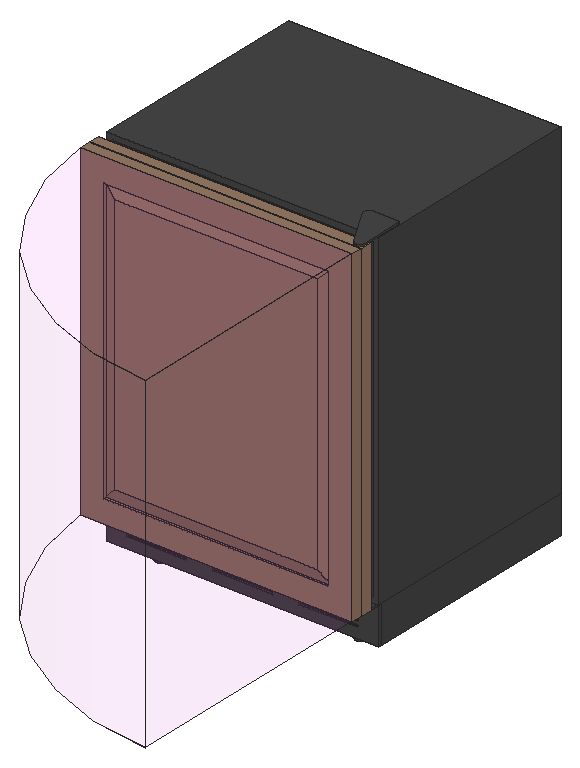
Revit family "QF_Summit_CT66BK2SSRSIF_Refrigerator-Freezer", category Specialty Equipment, Revit 2020
Family settings
  Round Connector Dimension = Use Diameter
  Part Type = Normal
  Work Plane-Based = No
  Always vertical = Yes
  Cut with Voids When Loaded = No
  Shared = No
  Room Calculation Point = No
Parameters
  Weight in Pounds = 100
  Watts = Volts * FL Amps  # 138 W
  Volts = 115 V
  URL Cutsheet = ""
  Standard Height [instance] = if(Show 33.5 Height, Show 34.5 Height, not(Show 34.5 Height))  # yes
  Specification by User = ""
  Specification by Manufacturer = ""
  Show Removable Cover [instance] = no
  Show LHD [instance] = no
  Show 33.5 Height [instance] = no
  Right Hinged Door [instance] = not(Show LHD)  # yes
  Show 34.5 Height [instance] = no
  Serial Number = ""
  Seismic Rating = ""
  SMACNA No = ""
  Revision Code = ""
  Refrigerant Volume = 0.00 kip
  Refrigerant Type = "R600a"
  Phase = 1
  Number of Poles = 1
  NAFEM Spec ID Number = ""
  Model = "CT66BK2SSRSIF"
  Min Ckt Ampacity = 0 A
  Max Overcurrent Protection = 0 A
  Masterspec = ""
  Manufacturer = "Summit"
  Length = 23 5/8"
  Item Number = ""
  Installed By = ""
  Identify Quantity as Lot = yes
  Height [instance] = if(Standard Height, 33 1/4", if(Show 33.5 Height, 33 1/2", if(Show 34.5 Height, 34 1/2", 33 1/4")))  # 33 1/4"
  HP = ""
  Furnished By = ""
  Foodservice Equipment Identifier = yes
  FL Amps = 1.2 A
  Electrical Remarks = ""
  Electric Connection Type = ""
  Elec Conn RI Height = 0"
  Elec Conn Connection Height = 0"
  Description = "Refrigerator-Freezer"
  Depth = 22 3/8"
  Default Elevation = 0"
  Cycle = 60 Hz
  Conn Plug = ""
  Conn Conduit = yes
  CSI MasterFormat = ""
  Base Height [instance] = if(Standard Height, 1 1/4", if(Show 33.5 Height, 1 5/8", if(Show 34.5 Height, 2 5/8", 1 1/4")))  # 1 1/4"
  BTUH = 0.0 Btu/h
  Apparent Power = if(Phase = 3, Volts * FL Amps * 1.73, Volts * FL Amps)  # 138 VA
Reference planes (in)
  plane 1 "BACK": y = 0
  plane 2: z = 0
  plane 3 "LEFT": x = 0
  plane 4 "RIGHT": x = 23.625
  plane 5 "FRONT": y = -22.375
  plane 6 "TOP": z = 33.25
  plane 7 "Center Y": x = 11.8125
  plane 8 "Center X": y = -11.1875
  plane 9: z = 33.125
  plane 10: y = -23.375
  plane 11: y = -45.875
  plane 12: y = -0.75
  plane 13: y = -20.5
  plane 14 "Base Height": z = 1.25
  plane 15: x = 17.46169
  plane 16: z = 4.48989
Forms (in)
  Extrusion 1, solid, material "QF_Metallic_Paint_Black_Smooth"
    sketch origin (0, 0, 4.48989) x (1, 0, 0) y (0, 1, 0)
      loop
        line (0, -0.75) -> (0, -20.5) -> (23.625, -20.5) -> (23.625, -0.75) -> (0, -0.75)
    from 0 to 28.63511
  Extrusion 2, solid, material "QF_Wood_Mahogany"
    sketch origin (-4.07558, -180, 1.25) x (-1, 0, 0) y (0, -1, 0)
      loop
        line (-4.07558, -157.625) -> (-27.70058, -157.625) -> (-27.70058, -158.625) -> (-4.07558, -158.625) -> (-4.07558, -157.625)
    from 3.23989 to 31.875
  Extrusion 3, solid, material "QF_Metallic_Paint_Black_Smooth"
    sketch origin (23.625, -20.5, 4.48989) x (-1, 0, 0) y (0, 0, -1)
      loop
        line (0.5, -0.5) -> (0.5, -28.13511) -> (23.125, -28.13511) -> (23.125, -0.5) -> (0.5, -0.5)
    from 0 to 0.875
  Extrusion 4, solid, material "QF_Metallic_Paint_Black_Smooth", visible <- "Right Hinged Door"
    sketch origin (0, 0, 33.125) x (1, 0, 0) y (0, 1, 0)
      loop
        arc (23.49982, -18.2597) -> (23.42659, -18.08292) -> (23.24982, -18.0097) r 0.25
        line (23.24982, -18.0097) -> (21.13852, -18.0097)
        arc (21.13852, -18.0097) -> (20.78238, -18.21325) -> (20.77701, -18.62342) r 0.41333
        line (20.77701, -18.62342) -> (22.69374, -22.08129)
        arc (22.69374, -22.08129) -> (23.17748, -22.28912) -> (23.49982, -21.87283) r 0.42999
        line (23.49982, -21.87283) -> (23.49982, -18.2597)
    from 0 to 0.125
  Extrusion 5, solid, material "QF_Metallic_Paint_Black_Smooth", visible <- "Right Hinged Door"
    sketch origin (-4.07558, -180, 4.48989) x (0, -1, 0) y (-1, 0, 0)
      loop
        line (-159.5, -27.5754) -> (-158.12717, -27.5754)
        arc (-158.12717, -27.5754) -> (-157.71088, -27.25307) -> (-157.91871, -26.76933) r 0.42999
        line (-157.91871, -26.76933) -> (-159.5, -25.8928) -> (-159.5, -27.5754)
    from 0 to 0.125
  Extrusion 6, solid, material "QF_Metallic_Paint_Black_Smooth"
    sketch origin (0, -22.375, 0) x (1, 0, 0) y (0, 0, 1)
      loop
        line (0, 4.48989) -> (0, 1.25) -> (23.625, 1.25) -> (23.625, 4.48989) -> (0, 4.48989)
      loop
        line (1.70562, 3.86489) -> (1.70562, 3.61489) -> (6.95562, 3.61489) -> (6.95562, 3.86489) -> (1.70562, 3.86489)
      loop
        line (1.70562, 3.36489) -> (1.70562, 3.11489) -> (6.95562, 3.11489) -> (6.95562, 3.36489) -> (1.70562, 3.36489)
      loop
        line (1.70562, 2.86489) -> (1.70562, 2.61489) -> (6.95562, 2.61489) -> (6.95562, 2.86489) -> (1.70562, 2.86489)
      loop
        line (1.70562, 2.36489) -> (1.70562, 2.11489) -> (6.95562, 2.11489) -> (6.95562, 2.36489) -> (1.70562, 2.36489)
      loop
        line (9.1875, 3.86489) -> (9.1875, 3.61489) -> (14.4375, 3.61489) -> (14.4375, 3.86489) -> (9.1875, 3.86489)
      loop
        line (9.1875, 3.36489) -> (9.1875, 3.11489) -> (14.4375, 3.11489) -> (14.4375, 3.36489) -> (9.1875, 3.36489)
      loop
        line (9.1875, 2.86489) -> (9.1875, 2.61489) -> (14.4375, 2.61489) -> (14.4375, 2.86489) -> (9.1875, 2.86489)
      loop
        line (9.1875, 2.36489) -> (9.1875, 2.11489) -> (14.4375, 2.11489) -> (14.4375, 2.36489) -> (9.1875, 2.36489)
      loop
        line (21.91938, 3.86489) -> (16.66938, 3.86489) -> (16.66938, 3.61489) -> (21.91938, 3.61489) -> (21.91938, 3.86489)
      loop
        line (21.91938, 3.36489) -> (16.66938, 3.36489) -> (16.66938, 3.11489) -> (21.91938, 3.11489) -> (21.91938, 3.36489)
      loop
        line (21.91938, 2.86489) -> (16.66938, 2.86489) -> (16.66938, 2.61489) -> (21.91938, 2.61489) -> (21.91938, 2.86489)
      loop
        line (21.91938, 2.36489) -> (16.66938, 2.36489) -> (16.66938, 2.11489) -> (21.91938, 2.11489) -> (21.91938, 2.36489)
    from -2.125 to -1.875
  Extrusion 7, solid, material "QF_Metallic_Paint_Black_Smooth"
    sketch origin (0, 0, 0) x (1, 0, 0) y (0, 0, 1)
      loop
        line (0, 4.48989) -> (0, 1.25) -> (23.625, 1.25) -> (23.625, 4.48989) -> (0, 4.48989)
    from 20.25 to 0.75
  Extrusion 8, solid, material "QF_Metal_Stainless_Polished"
    sketch origin (0, -0.75, 4.48989) x (1, 0, 0) y (0, 0, -1)
      loop
        circle (17.46169, 2.27816) r 0.25
    from 0 to 0.25
  Extrusion 9, solid, material "QF_Metallic_Paint_Black_Smooth"
    sketch origin (-4.07558, -180, 1.25) x (-1, 0, 0) y (0, -1, 0)
      loop
        line (-13.38336, -180) -> (-13.38336, -179.25) -> (-18.39281, -179.25) -> (-18.39281, -180) -> (-13.38336, -180)
    from 21.625 to 15.625
  Extrusion 10, solid, material "QF_Clearances_Door_Drawer", visible <- "Right Hinged Door"
    sketch origin (-4.07558, -180, 4.48989) x (0, -1, 0) y (-1, 0, 0)
      loop
        line (-156.625, -27.70058) -> (-134.125, -27.70058)
        arc (-134.125, -27.70058) -> (-140.92298, -11.64807) -> (-156.625, -4.07558) r 24.71492
        line (-156.625, -4.07558) -> (-156.625, -27.70058)
    from 0 to -28.63511
  Extrusion 11, solid, material "QF_Wood_Mahogany"
    sketch origin (2, -23.375, 31.125) x (1, 0, 0) y (0, 0, 1)
      loop
        line (1, -1) -> (1, -23.63511) -> (18.625, -23.63511) -> (18.625, -1) -> (1, -1)
    from 0 to -1
  Extrusion 12, solid, material "QF_Metallic_Paint_Black_Smooth", visible <- "Show Removable Cover"
    sketch origin (-4.07558, -180, 1.25) x (-1, 0, 0) y (0, -1, 0)
      loop
        line (-4.07558, -179.25) -> (-4.07558, -159.5) -> (-27.70058, -159.5) -> (-27.70058, -179.25) -> (-4.07558, -179.25)
      loop
        line (-4.32558, -159.75) -> (-27.45058, -159.75) -> (-27.45058, -179) -> (-4.32558, -179) -> (-4.32558, -159.75)
    from 0 to -1.25
  Extrusion 13, solid, material "QF_Metallic_Paint_Black_Smooth", visible <- "Standard Height"
    sketch origin (0, 0, 0) x (1, 0, 0) y (0, 1, 0)
      loop
        circle (3.1104, -18.5) r 0.5
      loop
        circle (3.1104, -2.75) r 0.5
      loop
        circle (20.5146, -18.5) r 0.5
      loop
        circle (20.5146, -2.75) r 0.5
    from 0 to 0.25
  Extrusion 14, solid, material "QF_Metallic_Paint_Black_Smooth", visible <- "Standard Height"
    sketch origin (0, 0, 0.25) x (1, 0, 0) y (0, 1, 0)
      loop
        circle (3.1104, -18.5) r 0.25
      loop
        circle (3.1104, -2.75) r 0.25
      loop
        circle (20.5146, -18.5) r 0.25
      loop
        circle (20.5146, -2.75) r 0.25
    from 0 to 1
  Extrusion 15, solid, material "QF_Clearances_Door_Drawer", visible <- "Show LHD"
    sketch origin (-4.07558, -180, 4.48989) x (0, -1, 0) y (-1, 0, 0)
      loop
        line (-156.625, -4.07558) -> (-156.625, -27.70058)
        arc (-156.625, -27.70058) -> (-140.92298, -20.1281) -> (-134.125, -4.07558) r 24.71492
        line (-134.125, -4.07558) -> (-156.625, -4.07558)
    from 0 to -28.63511
  Sweep 16, solid, material "QF_Wood_Mahogany"
    path in 3D
      loop
        line (23.625, -22.375, 33.125) -> (23.625, -22.375, 4.48989) -> (0, -22.375, 4.48989) -> (0, -22.375, 33.125) -> (23.625, -22.375, 33.125)
    profile origin (11.8125, -22.375, 33.125) x (0, 1, 0) y (0, 0, 1)
      loop
        line (0, 0) -> (-1, 0) -> (-1, -2) -> (-0.75, -2) -> (-1, -3) -> (0, -3) -> (0, 0)
  Extrusion 17, solid, material "QF_Metallic_Paint_Black_Smooth", visible <- "Show LHD"
    sketch origin (23.625, 0, 33.125) x (-1, 0, 0) y (0, -1, 0)
      loop
        line (23.49982, 18.2597) -> (23.49982, 21.87283)
        arc (23.49982, 21.87283) -> (23.17748, 22.28912) -> (22.69374, 22.08129) r 0.42999
        line (22.69374, 22.08129) -> (20.77701, 18.62342)
        arc (20.77701, 18.62342) -> (20.78238, 18.21325) -> (21.13852, 18.0097) r 0.41333
        line (21.13852, 18.0097) -> (23.24982, 18.0097)
        arc (23.24982, 18.0097) -> (23.42659, 18.08292) -> (23.49982, 18.2597) r 0.25
    from 0 to 0.125
  Extrusion 18, solid, material "QF_Metallic_Paint_Black_Smooth", visible <- "Show LHD"
    sketch origin (27.70058, -180, 4.48989) x (0, 1, 0) y (1, 0, 0)
      loop
        line (159.5, -27.5754) -> (159.5, -25.8928) -> (157.91871, -26.76933)
        arc (157.91871, -26.76933) -> (157.71088, -27.25307) -> (158.12717, -27.5754) r 0.42999
        line (158.12717, -27.5754) -> (159.5, -27.5754)
    from 0 to 0.125
Cuts and joins
  joined: Extrusion 13, Extrusion 14
  joined: Extrusion 11, Sweep 16
Lines and regions (in)
  symbolic lines
    curve 1: line (0, -23.375, 0) -> (23.625, -23.375, 0)
    curve 2: line (23.625, -22.375, 0) -> (0, -22.375, 0)
    curve 3: line (23.625, -21.375, 0) -> (23.49982, -21.375, 0)
    curve 4: line (0, -20.5, 0) -> (0.12518, -20.5, 0)
    curve 5: line (23.625, -0.75, 0) -> (0, -0.75, 0)
    curve 6: line (14.31722, 0, 0) -> (9.30778, 0, 0)
    curve 7: line (0, -0.75, 0) -> (0, -20.5, 0)
    curve 8: line (23.625, -20.5, 0) -> (23.625, -0.75, 0)
    curve 9: line (9.30778, 0, 0) -> (9.30778, -0.75, 0)
    curve 10: line (14.31722, -0.75, 0) -> (14.31722, 0, 0)
    curve 12: line (0, -21.375, 0) -> (0, -22.375, 0)
    curve 13: line (0, -22.375, 0) -> (0, -23.375, 0)
    curve 14: line (23.625, -23.375, 0) -> (23.625, -22.375, 0)
    curve 15: line (23.625, -22.375, 0) -> (23.625, -21.375, 0)
    curve 22: line (22.30224, -21.375, 0) -> (1.32276, -21.375, 0)
    curve 23: line (23.49982, -20.5, 0) -> (23.625, -20.5, 0)
    curve 35: line (1.80778, -20.5, 0) -> (21.81722, -20.5, 0)
    curve 36: line (0.12518, -21.375, 0) -> (0, -21.375, 0)
  symbolic lines, visible <- "Right Hinged Door"
    curve 11: line (0.5, -20.5, 0) -> (0.5, -21.375, 0)
    curve 16: line (23.24982, -18.0097, 0) -> (21.13852, -18.0097, 0)
    curve 17: arc (21.13852, -18.0097, 0) -> (20.78238, -18.21325, 0) -> (20.77701, -18.62342, 0) r 0.41333
    curve 18: line (20.77701, -18.62342, 0) -> (22.69374, -22.08129, 0)
    curve 19: arc (22.69374, -22.08129, 0) -> (23.17748, -22.28912, 0) -> (23.49982, -21.87283, 0) r 0.42999
    curve 20: line (23.49982, -21.87283, 0) -> (23.49982, -18.2597, 0)
    curve 21: arc (23.49982, -18.2597, 0) -> (23.42659, -18.08292, 0) -> (23.24982, -18.0097, 0) r 0.25
    curve 34: line (0.12518, -20.5, 0) -> (1.80778, -20.5, 0)
    curve 37: line (1.32276, -21.375, 0) -> (0.12518, -21.375, 0)
  symbolic lines, style "QF_Clearances_Door_Drawer", visible <- "Right Hinged Door"
    curve 24: line (23.625, -23.375, 0) -> (3.95051, -34.73407, 0)
    curve 25: arc (3.95051, -34.73407, 0) -> (1.27379, -29.2985, 0) -> (0, -23.375, 0) r 24.71492
  symbolic lines, visible <- "Show LHD"
    curve 26: line (0.37518, -18.0097, 0) -> (2.48648, -18.0097, 0)
    curve 27: arc (2.48648, -18.0097, 0) -> (2.84262, -18.21325, 0) -> (2.84799, -18.62342, 0) r 0.41333
    curve 28: line (2.84799, -18.62342, 0) -> (0.93126, -22.08129, 0)
    curve 29: arc (0.93126, -22.08129, 0) -> (0.44752, -22.28912, 0) -> (0.12518, -21.87283, 0) r 0.42999
    curve 30: line (0.12518, -21.87283, 0) -> (0.12518, -18.2597, 0)
    curve 31: arc (0.12518, -18.2597, 0) -> (0.19841, -18.08292, 0) -> (0.37518, -18.0097, 0) r 0.25
    curve 38: line (23.125, -20.5, 0) -> (23.125, -21.375, 0)
    curve 39: line (23.49982, -20.5, 0) -> (21.81722, -20.5, 0)
    curve 40: line (22.30224, -21.375, 0) -> (23.49982, -21.375, 0)
  symbolic lines, style "QF_Clearances_Door_Drawer", visible <- "Show LHD"
    curve 32: line (0, -23.375, 0) -> (19.67449, -34.73407, 0)
    curve 33: arc (19.67449, -34.73407, 0) -> (22.35121, -29.2985, 0) -> (23.625, -23.375, 0) r 24.71492
  sketch lines
    curve 41: line (0, -22.375, 33.125) -> (23.625, -22.375, 33.125)
    curve 42: line (0, -22.375, 33.125) -> (0, -22.375, 4.48989)
    curve 43: line (23.625, -22.375, 33.125) -> (23.625, -22.375, 4.48989)
    curve 44: line (23.625, -22.375, 4.48989) -> (0, -22.375, 4.48989)
Dimensions and locks (in)
  equal spacing: plane 3 "LEFT", plane 7 "Center Y", plane 4 "RIGHT"
  "Length": plane 3 "LEFT" to plane 4 "RIGHT"
  equal spacing: plane 5 "FRONT", plane 8 "Center X", plane 1 "BACK"
  "Depth": plane 5 "FRONT" to plane 1 "BACK"
  "Height": plane 6 "TOP" to level
  locked: plane 6 "TOP" to plane 9 at 0.125
  plane 1 "BACK" to plane 12 = 3/4"
  plane 12 to plane 13 = 19 3/4"
  plane 13 to plane 11 = 25 3/8"
  plane 12 to plane 11 = 45 1/8"
  "Base Height": plane 14 "Base Height" to plane 2
  plane 9 to plane 14 "Base Height" = 31 7/8"
  locked: plane 16 to plane 14 "Base Height" at 3.23989
  aligned and locked: level to plane 2
  aligned and locked: Extrusion 12 to level
Automatic sketch dimensions
  curve 12 to plane 3 "LEFT" = 0"
  curve 4 to plane 3 "LEFT" = 0"
  curve 34 to plane 13 = 0"
  curve 4 to plane 13 = 0"
  curve 35 to plane 13 = 0"
  plane 1 "BACK" to curve 6 = 0"
  curve 9 to plane 12 = 0"
  curve 39 to plane 13 = 0"
  curve 23 to plane 13 = 0"
  curve 33 to plane 4 "RIGHT" = 0"
  curve 23 to plane 4 "RIGHT" = 0"
  curve 13 to plane 10 = 0"
  plane 5 "FRONT" to curve 13 = 0"
  curve 33 to plane 3 "LEFT" = 0.99226"
  plane 3 "LEFT" to curve 30 = 0.12518"
  curve 30 to curve 31 = 1/4"
  curve 30 to curve 29 = 0.42999"
  curve 28 to plane 5 "FRONT" = 0.29371"
  curve 29 to curve 28 = 0.37608"
  curve 31 to curve 27 = 2.1113"
  curve 27 to curve 28 = 0.36151"
  plane 3 "LEFT" to curve 24 = 3.95051"
  curve 6 to plane 7 "Center Y" = 2.50472"
  plane 7 "Center Y" to curve 10 = 2.50472"
  curve 32 to plane 15 = 2.2128"
  plane 4 "RIGHT" to curve 18 = 2.84799"
  curve 17 to curve 17 = 0.36151"
  curve 18 to plane 5 "FRONT" = 0.29371"
  plane 4 "RIGHT" to curve 18 = 0.93126"
  curve 18 to curve 19 = 0.37608"
  plane 4 "RIGHT" to curve 21 = 0.37518"
  plane 4 "RIGHT" to curve 20 = 0.12518"
  curve 25 to plane 4 "RIGHT" = 0.99226"
  curve 32 to curve 1 = 11.35907"
  curve 24 to curve 1 = 11.35907"
  curve 30 to curve 36 = 0.49783"
  curve 19 to curve 15 = 0.49783"
  plane 13 to curve 28 = 1.87658"
  plane 13 to curve 18 = 1.87658"
  curve 17 to curve 17 = 0.20039"
  curve 27 to curve 27 = 0.20039"
  curve 4 to curve 11 = 0.37482"
  curve 29 to curve 37 = 0.3915"
  curve 22 to curve 37 = 0"
  curve 40 to curve 22 = 0"
  curve 38 to curve 23 = 0.37482"
  Extrusion 1 sketch curve to Extrusion 7 = 0"  (x3)
  Extrusion 1 sketch curve to Extrusion 7 = 1/4"
  Extrusion 2 sketch curve to plane 4 "RIGHT" = 0"
  Extrusion 2 sketch curve to plane 3 "LEFT" = 0"
  plane 5 "FRONT" to Extrusion 2 sketch curve = 0"
  Extrusion 2 sketch curve to plane 13 = 7/8"
  Extrusion 3 sketch curve to Extrusion 1 = 1/2"
  Extrusion 1 to Extrusion 3 sketch curve = 1/2"  (x3)
  Extrusion 4 sketch curve to Extrusion 1 = 1.87658"
  Extrusion 4 sketch curve to Extrusion 1 = 2.84799"
  Extrusion 4 sketch curve to Extrusion 4 sketch curve = 0.36151"
  Extrusion 4 sketch curve to Extrusion 1 = 0.93126"
  Extrusion 4 sketch curve to Extrusion 4 sketch curve = 0.37608"
  Extrusion 4 sketch curve to Extrusion 1 = 0.37518"
  Extrusion 4 sketch curve to Extrusion 1 = 0.12518"
  Extrusion 1 to Extrusion 4 sketch curve = 1.37283"
  Extrusion 4 sketch curve to Extrusion 4 sketch curve = 0.20039"
  Extrusion 2 to Extrusion 5 sketch curve = 0.12518"
  Extrusion 5 sketch curve to Extrusion 2 = 7/8"
  Extrusion 2 to Extrusion 5 sketch curve = 0.49783"
  Extrusion 2 to Extrusion 5 sketch curve = 0.29371"
  Extrusion 5 sketch curve to Extrusion 5 sketch curve = 0.42999"
  Extrusion 5 sketch curve to Extrusion 5 sketch curve = 1.6826"
  Extrusion 6 sketch curve to plane 3 "LEFT" = 0"
  plane 4 "RIGHT" to Extrusion 6 sketch curve = 0"
  Extrusion 6 sketch curve to plane 14 "Base Height" = 0"
  Extrusion 6 sketch curve to plane 16 = 0"
  plane 3 "LEFT" to Extrusion 6 sketch curve = 1.70562"
  plane 16 to Extrusion 6 sketch curve = 5/8"
  Extrusion 6 sketch curve to Extrusion 6 sketch curve = 0"  (x18)
  plane 16 to Extrusion 6 sketch curve = 1 3/8"
  Extrusion 6 sketch curve to plane 7 "Center Y" = 4.85688"
  Extrusion 6 sketch curve to Extrusion 6 sketch curve = 2.23188"
  plane 7 "Center Y" to Extrusion 6 sketch curve = 2 5/8"
  plane 15 to Extrusion 6 sketch curve = 0.79231"
  plane 4 "RIGHT" to Extrusion 6 sketch curve = 1.70562"
  plane 14 "Base Height" to Extrusion 6 sketch curve = 0.86489"  (x3)
  Extrusion 6 sketch curve to Extrusion 6 sketch curve = 1/4"  (x19)
  Extrusion 7 sketch curve to plane 3 "LEFT" = 0"
  plane 4 "RIGHT" to Extrusion 7 sketch curve = 0"
  Extrusion 7 sketch curve to plane 14 "Base Height" = 0"
  Extrusion 7 sketch curve to plane 16 = 0"
  Extrusion 8 sketch curve to Extrusion 1 = 2.27816"
  Extrusion 8 sketch curve to Extrusion 1 = 6.16331"
  Extrusion 10 sketch curve to Extrusion 2 = 0"  (x2)
  Extrusion 10 sketch curve to Extrusion 2 = 0.19499"
  Extrusion 10 sketch curve to Extrusion 2 = 1"
  Extrusion 10 sketch curve to Extrusion 10 sketch curve = 22 1/2"
  Extrusion 11 sketch curve to Sweep 16 = 1"  (x4)
  Extrusion 12 sketch curve to plane 4 "RIGHT" = 0"
  Extrusion 12 sketch curve to plane 3 "LEFT" = 0"
  Extrusion 12 sketch curve to plane 12 = 0"
  Extrusion 12 sketch curve to plane 13 = 0"
  plane 4 "RIGHT" to Extrusion 12 sketch curve = 1/4"
  plane 3 "LEFT" to Extrusion 12 sketch curve = 1/4"
  Extrusion 12 sketch curve to plane 12 = 1/4"
  plane 13 to Extrusion 12 sketch curve = 1/4"
  plane 3 "LEFT" to Extrusion 13 sketch curve = 3.1104"  (x2)
  Extrusion 13 sketch curve to plane 15 = 3.05291"  (x2)
  plane 13 to Extrusion 13 sketch curve = 2"  (x2)
  Extrusion 13 sketch curve to plane 12 = 2"  (x2)
  Extrusion 15 sketch curve to Extrusion 2 = 0"  (x2)
  Extrusion 15 sketch curve to Extrusion 2 = 0.19499"
  Extrusion 15 sketch curve to Extrusion 2 = 1"
  Extrusion 15 sketch curve to Extrusion 15 sketch curve = 22 1/2"
  Sweep 16 sketch curve to profile plane = 0"  (x2)
  profile plane to Sweep 16 sketch curve = 3/4"
  profile plane to Sweep 16 sketch curve = 1"
  Sweep 16 sketch curve to Sweep 16 sketch curve = 1/4"
  Sweep 16 sketch curve to profile plane = 2"
  Sweep 16 sketch curve to Sweep 16 sketch curve = 1"
  Extrusion 17 sketch curve to Extrusion 1 = 1.87658"
  Extrusion 17 sketch curve to Extrusion 1 = 2.84799"
  Extrusion 17 sketch curve to Extrusion 17 sketch curve = 0.36151"
  Extrusion 17 sketch curve to Extrusion 1 = 0.93126"
  Extrusion 17 sketch curve to Extrusion 17 sketch curve = 0.37608"
  Extrusion 17 sketch curve to Extrusion 1 = 0.37518"
  Extrusion 17 sketch curve to Extrusion 1 = 0.12518"
  Extrusion 17 sketch curve to Extrusion 17 sketch curve = 0.20039"
  Extrusion 1 to Extrusion 17 sketch curve = 1.37283"
  Extrusion 2 to Extrusion 18 sketch curve = 0.29371"
  Extrusion 2 to Extrusion 18 sketch curve = 0.12518"
  Extrusion 2 to Extrusion 18 sketch curve = 0.49783"
  Extrusion 18 sketch curve to Extrusion 2 = 7/8"
  Extrusion 18 sketch curve to Extrusion 18 sketch curve = 0.42999"
  Extrusion 18 sketch curve to Extrusion 18 sketch curve = 1.6826"
  plane 1 "BACK" to Extrusion 9 sketch curve = 0"
  Extrusion 9 sketch curve to plane 12 = 0"
  plane 7 "Center Y" to Extrusion 9 sketch curve = 2.50472"
  Extrusion 9 sketch curve to plane 7 "Center Y" = 2.50472"
  radius of Extrusion 8 sketch curve = 1/4"
  radius of Extrusion 13 sketch curve = 1/2"  (x4)
  radius of Extrusion 14 sketch curve to Extrusion 13 = 1/4"  (x4)
Nested families (in)
  nested 1: "Summit_IF_Legs" at (20.5146, -2.75, 0), 1.62 inch <- "Show 33.5 Height", 2.62 inch <- "Show 34.5 Height", type "Summit_IF_Legs"
    with 2.62 inch no, 1.62 inch no
  nested 2: "Summit_IF_Legs" at (3.1104, -2.75, 0), 1.62 inch <- "Show 33.5 Height", 2.62 inch <- "Show 34.5 Height", type "Summit_IF_Legs"
    with 2.62 inch no, 1.62 inch no
  nested 3: "Summit_IF_Legs" at (20.5146, -18.5, 0), 1.62 inch <- "Show 33.5 Height", 2.62 inch <- "Show 34.5 Height", type "Summit_IF_Legs"
    with 2.62 inch no, 1.62 inch no
  nested 4: "Summit_IF_Legs" at (3.1104, -18.5, 0), 1.62 inch <- "Show 33.5 Height", 2.62 inch <- "Show 34.5 Height", type "Summit_IF_Legs"
    with 2.62 inch no, 1.62 inch no
Connectors (in)
  electrical at (17.46169, -0.5, 2.21173), driven by "Volts", driven by "Watts"
    settings: on Extrusion 8, index 2, voltage 115 V, apparent load 138 VA, apparent load phase1 0 VA, apparent load phase2 0 VA, apparent load phase3 0 VA, power factor 1, load classification "Other", number of poles 1, system type 30, power factor state 1, is connector primary yes, connector utility no, sub classification motor no, connector description ""
Definition of nested family "Summit_IF_Legs"
  Parameters (values of type "Summit_IF_Legs")
    Default Elevation = 0"
    2.62 inch [instance] = no
    1.62 inch [instance] = yes
  Reference planes (in)
    plane 1 "Center (Front/Back)": y = 0
    plane 2: z = 0
    plane 3 "Center (Left/Right)": x = 0
    plane 4: z = 1.625
  Forms (in)
    Revolve 1, solid, visible <- "2.62 inch"
      sketch origin (-3.1104, 0, 0) x (1, 0, 0) y (0, 0, 1)
        loop
          line (3.1104, 0) -> (3.1104, 2.625) -> (2.95576, 2.625) -> (2.95576, 0.75) -> (2.83076, 0.75) -> (2.83076, 0.5) -> (2.6104, 0.5) -> (2.6104, 0) -> (3.1104, 0)
        axis (3.1104, 2.625) -> (3.1104, 0)
      angle from 0 to 360
    Revolve 2, solid, visible <- "1.62 inch"
      sketch origin (0, 0, 0) x (1, 0, 0) y (0, 0, 1)
        loop
          line (0, 0) -> (0, 1.625) -> (-0.15464, 1.625) -> (-0.15464, 0.75) -> (-0.27964, 0.75) -> (-0.27964, 0.5) -> (-0.5, 0.5) -> (-0.5, 0) -> (0, 0)
        axis (0, 1.625) -> (0, 0)
      angle from 0 to 360
  Dimensions and locks (in)
    plane 4 to level = 1 5/8"
    aligned and locked: level to plane 2
